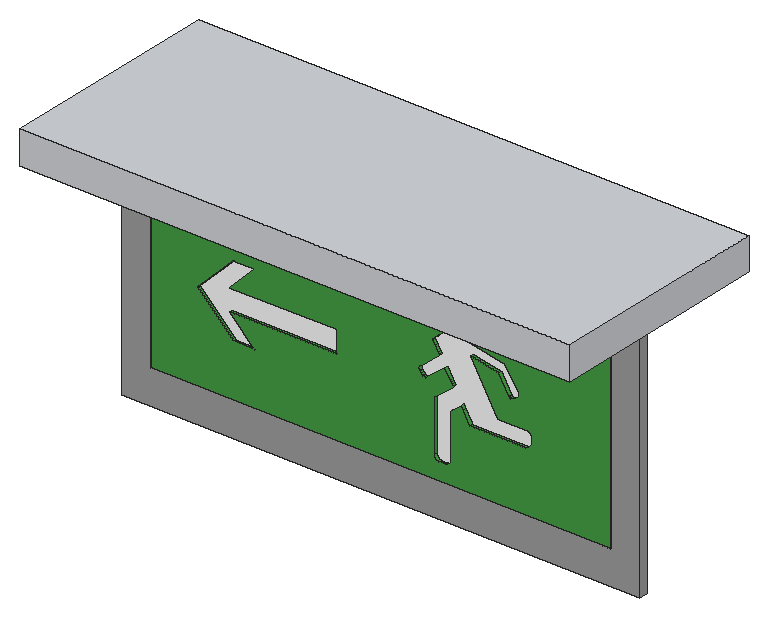
Revit family "Formula65 kombi LED Sentr.(ned_nedhengt skilt)", category Lighting Fixtures, Revit 2013
Parameters (values of type "MarkeringsLys (Venstre)")
  Width = 3 mm
  Wattage Comments = "17 W"
  Wattage = 9.2903 W
  built-in parameter 1150110 = 1 (stored number, unit not read)
  Voltage = 230 V
  URL = ""
  built-in parameter 1114217 = 1 (stored number, unit not read)
  Tilt Angle = 90.00°
  built-in parameter 1150109 = 1 (stored number, unit not read)
  built-in parameter 1150134 = 3
  Symbol Positive Direction [instance] = yes
  Symbol Offset Side [instance] = 0 mm
  Symbol Offset Out [instance] = 0 mm
  built-in parameter 1150113 = 1 (stored number, unit not read)
  Reference Line Out [instance] = 50 mm
  Photometric Web File = "20x42A12.ies"
  Number of Poles = 1
  MarkeringsLys Venstre = yes
  MarkeringsLys Opp = no
  MarkeringsLys Ned = no
  MarkeringsLys Høyre = no
  MarkeringsLys 45 Opp mot venstre = no
  MarkeringsLys 45 Opp mot høyre = no
  MarkeringsLys 45 Ned mot venstre = no
  MarkeringsLys 45 Ned mot høyre = no
  MarkeringsLys = yes
  built-in parameter 1150105 = 109.82 (stored number, unit not read)
  Lumens = 1380 lm
  built-in parameter 1150115 = 1 (stored number, unit not read)
  Load Classification [instance] = Other
  Model = ""
  Manufacturer = ""
  built-in parameter 1150137 = (empty or 0)
  built-in parameter 1150139 = (empty or 0)
  Length 1 = Length - 40 mm  # 314 mm
  Length = 354 mm
  LedeLys = no
  built-in parameter 1150112 = 1 (stored number, unit not read)
  built-in parameter 1150114 = 1 (stored number, unit not read)
  Lamp = "1"
  built-in parameter 1150132 = (empty or 0)
  built-in parameter 1150102 = (empty or 0)
  built-in parameter 1150107 = 3200 (stored number, unit not read)
  built-in parameter 1150138 = (empty or 0)
  built-in parameter 1150106 = 1.0982 (stored number, unit not read)
  Height 1 = Height - 46 mm  # 122 mm
  Height = 168 mm
  Emit from Rectangle Width = Height  # 168 mm
  Emit from Rectangle Length = Length  # 354 mm
  Emit Shape Visible in Rendering = no
  built-in parameter 1150104 = 13.8 (stored number, unit not read)
  Dimming Lamp Color Temperature Shift = <None>
  Description = ""
  Color Filter = 16777215
  Body Material and Colour = Default
  built-in parameter 1114218 = 1 (stored number, unit not read)
  built-in parameter 1150133 = 10 (stored number, unit not read)
  Assembly Code = ""
  Apparent Load = 17 VA
Types (9, lengths in mm): name | MarkeringsLys Venstre | MarkeringsLys Opp | MarkeringsLys Ned | MarkeringsLys Høyre | MarkeringsLys 45 Opp mot venstre | MarkeringsLys 45 Opp mot høyre | MarkeringsLys 45 Ned mot venstre | MarkeringsLys 45 Ned mot høyre | MarkeringsLys | LedeLys
  LedeLys | no | no | no | no | no | no | no | no | no | yes
  MarkeringsLys (Ned) | no | no | yes | no | no | no | no | no | yes | no
  MarkeringsLys (Opp) | no | yes | no | no | no | no | no | no | yes | no
  MarkeringsLys (45 Ned mot høyre) | no | no | no | no | no | no | no | yes | yes | no
  MarkeringsLys (45 Ned mot venstre) | no | no | no | no | no | no | yes | no | yes | no
  MarkeringsLys (45 Opp mot høyre) | no | no | no | no | no | yes | no | no | yes | no
  MarkeringsLys (45 Opp mot venstre) | no | no | no | no | yes | no | no | no | yes | no
  MarkeringsLys (Høyre) | no | no | no | yes | no | no | no | no | yes | no
  MarkeringsLys (Venstre) | yes | no | no | no | no | no | no | no | yes | no
Reference planes
  plane 1 "Light Source Axis (F/B)": y = 119.961
  plane 2 "Top": z = 83
  plane 3 "Light Source Axis (L/R)": x = 0
  plane 4 "Level": z = 0
  plane 5: x = -177
  plane 6: x = 177
  plane 7: y = 120.961
  plane 8: y = 122.961
  plane 9: x = -157
  plane 10: x = 157
  plane 11: z = -106.5
  plane 12: y = 43.961
  plane 13: y = 195.961
  plane 14: x = 187.5
  plane 15: x = -187.5
  plane 16: z = -22.5
  plane 17: z = -190.5
  plane 18: y = 118.961
  plane 19: y = 116.961
  plane 20: z = -45.5
  plane 21: z = -167.5
Forms (mm)
  Extrusion 1, solid, material "Default" <- "Body Material and Colour"
    sketch origin (0, 119.961, -31.25) x (1, 0, 0) y (0, 0, 1)
      loop
        line (-177, 8.75) -> (-177, -159.25) -> (177, -159.25) -> (177, 8.75) -> (-177, 8.75)
      loop
        line (-157, -14.25) -> (-157, -136.25) -> (157, -136.25) -> (157, -14.25) -> (-157, -14.25)
    from -3 to -1
  Extrusion 2, solid
    sketch origin (0, 0, 0) x (1, 0, 0) y (0, 1, 0)
      loop
        line (-187.5, 195.961) -> (-187.5, 43.961) -> (187.5, 43.961) -> (187.5, 195.961) -> (-187.5, 195.961)
    from 0 to -22.5
  Extrusion 3, solid, material "Default" <- "Body Material and Colour"
    sketch origin (0, 119.961, -31.25) x (1, 0, 0) y (0, 0, -1)
      loop
        line (-177, -8.75) -> (177, -8.75) -> (177, 159.25) -> (-177, 159.25) -> (-177, -8.75)
      loop
        line (-157, 14.25) -> (157, 14.25) -> (157, 136.25) -> (-157, 136.25) -> (-157, 14.25)
    from -3 to -1
  Extrusion 4, solid, material "Default" <- "Body Material and Colour"
    sketch origin (0, 0, 0) x (0, 1, 0) y (0, 0, 1)
      loop
        line (120.961, -22.5) -> (118.961, -22.5) -> (118.961, -190.5) -> (120.961, -190.5) -> (120.961, -22.5)
    from -177 to 177
Cuts and joins
  joined: Extrusion 1, Extrusion 3, Extrusion 4
Lines and regions (mm)
  model lines, style "InvisibleLines"
    curve 1: line (0, 119.961, 0) -> (0, 169.961, 0)
Dimensions and locks
  equal spacing: plane 5, plane 3 "Light Source Axis (L/R)", plane 6
  "Length": plane 5 to plane 6
  locked: plane 7 to plane 1 "Light Source Axis (F/B)" at 1
  locked: plane 8 to plane 7 at 2
  equal spacing: plane 9, plane 3 "Light Source Axis (L/R)", plane 10
  "Length 1": plane 9 to plane 10
  "Width": plane 1 "Light Source Axis (F/B)" to plane 8
  "Reference Line Out": plane 1 "Light Source Axis (F/B)" to curve 1
  equal spacing: plane 15, plane 3 "Light Source Axis (L/R)", plane 14
  equal spacing: plane 13, plane 1 "Light Source Axis (F/B)", plane 12
  locked: plane 13 to plane 12 at 152
  locked: plane 15 to plane 14 at 375
  locked: plane 4 "Level" to plane 16 at 22.5
  "Emit from Rectangle Width": plane 16 to plane 17
  equal spacing: plane 16, plane 11, plane 17
  locked: plane 19 to plane 18 at 2
  locked: plane 1 "Light Source Axis (F/B)" to plane 18 at 1
  equal spacing: plane 20, plane 11, plane 21
  "Height 1": plane 20 to plane 21
  aligned and locked: plane 4 "Level" to level
  aligned and locked: plane 3 "Light Source Axis (L/R)" to nested 2
  aligned and locked: plane 1 "Light Source Axis (F/B)" to nested 2
  aligned and locked: plane 7 to nested 1
  aligned and locked: Extrusion 1 sketch curve to plane 6
  aligned and locked: plane 5 to Extrusion 1 sketch curve
  aligned and locked: plane 9 to Extrusion 1 sketch curve
  aligned and locked: Extrusion 1 sketch curve to plane 10
  aligned and locked: plane 7 to Extrusion 1
  aligned and locked: Extrusion 1 to plane 8
  aligned and locked: plane 11 to imposter light
  aligned and locked: imposter light to plane 3 "Light Source Axis (L/R)"
  aligned and locked: plane 1 "Light Source Axis (F/B)" to curve 1
  aligned and locked: plane 3 "Light Source Axis (L/R)" to curve 1
  aligned and locked: Extrusion 2 sketch curve to plane 13
  aligned and locked: plane 15 to Extrusion 2 sketch curve
  aligned and locked: plane 12 to Extrusion 2 sketch curve
  aligned and locked: Extrusion 2 sketch curve to plane 14
  aligned and locked: Extrusion 2 to plane 16
  aligned and locked: Extrusion 1 to plane 17
  aligned and locked: plane 16 to Extrusion 1
  aligned and locked: nested 1 to plane 11
  aligned and locked: nested 1 to plane 3 "Light Source Axis (L/R)"
  aligned and locked: Extrusion 1 to nested 1  (x2)
  aligned and locked: Extrusion 3 to plane 19
  aligned and locked: plane 18 to Extrusion 3
  aligned and locked: Extrusion 1 to Extrusion 4 sketch curve
  aligned and locked: Extrusion 4 sketch curve to Extrusion 1
  aligned and locked: Extrusion 3 to Extrusion 4 sketch curve
  aligned and locked: Extrusion 4 sketch curve to Extrusion 3
  aligned and locked: imposter light to plane 8
  aligned and locked: nested 3 to plane 18
  aligned and locked: plane 18 to cut or joined group of Extrusion 1, Extrusion 3, Extrusion 4
  aligned and locked: cut or joined group of Extrusion 1, Extrusion 3, Extrusion 4 to plane 18
  aligned and locked: plane 18 to nested 3
  aligned and locked: nested 3 to plane 19
  aligned and locked: cut or joined group of Extrusion 1, Extrusion 3, Extrusion 4 to plane 19
  aligned and locked: cut or joined group of Extrusion 1, Extrusion 3, Extrusion 4 to plane 5
  aligned and locked: plane 6 to cut or joined group of Extrusion 1, Extrusion 3, Extrusion 4
  aligned and locked: plane 3 "Light Source Axis (L/R)" to nested 4
  aligned and locked: plane 1 "Light Source Axis (F/B)" to nested 4
  aligned and locked: nested 5 to plane 20
  aligned and locked: plane 3 "Light Source Axis (L/R)" to nested 5
  aligned and locked: nested 5 to plane 18
  aligned and locked: nested 7 to plane 3 "Light Source Axis (L/R)"
  aligned and locked: nested 7 to plane 11
  aligned and locked: plane 7 to nested 7
  aligned and locked: plane 3 "Light Source Axis (L/R)" to nested 6
  aligned and locked: plane 11 to nested 6
  aligned and locked: nested 6 to plane 18
  aligned and locked: nested 9 to plane 3 "Light Source Axis (L/R)"
  aligned and locked: plane 7 to nested 9
  aligned and locked: nested 9 to plane 11
  aligned and locked: plane 11 to nested 8
  aligned and locked: plane 3 "Light Source Axis (L/R)" to nested 8
  aligned and locked: nested 8 to plane 18
  aligned and locked: plane 7 to nested 10
  aligned and locked: nested 10 to plane 11
  aligned and locked: nested 10 to plane 3 "Light Source Axis (L/R)"
  aligned and locked: plane 11 to nested 5
  aligned and locked: plane 3 "Light Source Axis (L/R)" to nested 3
  aligned and locked: plane 11 to nested 3
  aligned and locked: plane 11 to nested 11
  aligned and locked: plane 3 "Light Source Axis (L/R)" to nested 11
  aligned and locked: nested 12 to plane 3 "Light Source Axis (L/R)"
  aligned and locked: nested 12 to plane 11
  aligned and locked: plane 7 to nested 12
  aligned and locked: nested 11 to plane 18
  aligned and locked: plane 11 to nested 13
  aligned and locked: nested 14 to plane 11
  aligned and locked: plane 3 "Light Source Axis (L/R)" to nested 13
  aligned and locked: nested 14 to plane 3 "Light Source Axis (L/R)"
  aligned and locked: nested 13 to plane 18
  aligned and locked: plane 7 to nested 14
  aligned and locked: nested 16 to plane 11
  aligned and locked: plane 11 to nested 15
  aligned and locked: plane 3 "Light Source Axis (L/R)" to nested 15
  aligned and locked: nested 16 to plane 3 "Light Source Axis (L/R)"
  aligned and locked: plane 7 to nested 16
  aligned and locked: nested 15 to plane 18
  aligned and locked: plane 3 "Light Source Axis (L/R)" to nested 17
  aligned and locked: nested 18 to plane 3 "Light Source Axis (L/R)"
  aligned and locked: nested 18 to plane 11
  aligned and locked: plane 11 to nested 17
  aligned and locked: plane 7 to nested 18
  aligned and locked: nested 17 to plane 18
Automatic sketch dimensions
  Extrusion 1 sketch curve to plane 17 = 0 mm
  Extrusion 1 sketch curve to plane 16 = 0 mm
  plane 17 to Extrusion 1 sketch curve = 23 mm
  Extrusion 1 sketch curve to plane 16 = 23 mm
  Extrusion 3 sketch curve to plane 5 = 0 mm
  Extrusion 3 sketch curve to plane 9 = 0 mm
  Extrusion 3 sketch curve to plane 10 = 0 mm
  Extrusion 3 sketch curve to plane 6 = 0 mm
  Extrusion 3 sketch curve to plane 16 = 0 mm
  Extrusion 3 sketch curve to plane 17 = 0 mm
  Extrusion 3 sketch curve to plane 16 = 23 mm
  plane 17 to Extrusion 3 sketch curve = 23 mm
Nested families
  nested 1: "Formula 65_ned" at (0, 120.961, -106.5), type "Formula 65"
    with Ned no
  nested 2: "LedelysS" at (0, 119.961, 0), visible <- "LedeLys", type "Type 1"
  nested 3: "Formula 65_ned" at (0, 118.961, -106.5), visible <- "MarkeringsLys Ned", type "Formula 65"
    with Ned no
  nested 4: "MarkeringslysS" at (0, 119.961, 0), visible <- "MarkeringsLys", type "Type 1"
  nested 5: "Formula 65_opp" at (0, 118.961, -106.5), visible <- "MarkeringsLys Opp", type "Formula 65"
    with Up no
  nested 6: "Formula 65_skrått 45 grader ned mot venstre" at (0, 118.961, -106.5), type "Formula 65"
    with 45 ned mot venstre no
  nested 7: "Formula 65_opp" at (0, 120.961, -106.5), type "Formula 65"
    with Up no
  nested 8: "Formula 65_skrått 45 grader opp mot venstre" at (0, 118.961, -106.5), type "Formula 65"
    with 45 opp mot venstre no
  nested 9: "Formula 65_skrått 45 grader ned mot venstre" at (0, 120.961, -106.5), type "Formula 65"
    with 45 ned mot venstre no
  nested 10: "Formula 65_skrått 45 grader opp mot venstre" at (0, 120.961, -106.5), type "Formula 65"
    with 45 opp mot venstre no
  nested 11: "Formula 65_høyre" at (0, 118.961, -106.5), type "Formula 65"
    with Høyre no
  nested 12: "Formula 65_høyre" at (0, 120.961, -106.5), type "Formula 65"
    with Høyre no
  nested 13: "Formula 65_skrått 45 grader ned mot høyre" at (0, 118.961, -106.5), type "Formula 65"
    with 45 ned mot høyre no
  nested 14: "Formula 65_skrått 45 grader ned mot høyre" at (0, 120.961, -106.5), type "Formula 65"
    with 45 ned mot høyre no
  nested 15: "Formula 65_skrått 45 grader opp mot høyre" at (0, 118.961, -106.5), type "Formula 65"
    with 45 grader opp mot høyre no
  nested 16: "Formula 65_skrått 45 grader opp mot høyre" at (0, 120.961, -106.5), type "Formula 65"
    with 45 grader opp mot høyre no
  nested 17: "Formula 65_venstre" at (0, 118.961, -106.5), type "Formula 65"
  nested 18: "Formula 65_venstre" at (0, 120.961, -106.5), type "Formula 65"
Connectors
  electrical at (0, 119.961, 0), driven by "Number of Poles", driven by "Load Classification", driven by "Voltage", driven by "Apparent Load"
    settings: index 1, voltage 230 V, apparent load 0 VA, apparent load phase1 17 VA, apparent load phase2 0 VA, apparent load phase3 0 VA, power factor 1, load classification "Other", number of poles 1, system type 31, power factor state 1, is connector primary yes, connector utility no, sub classification motor no, connector description ""
Definition of nested family "Formula 65_venstre"
  Parameters (values of type "Formula 65")
    Venstre = yes
    L = 205 mm
    H = 135 mm
  Reference planes
    plane 1 "Center (Front/Back)": y = 0
    plane 2: z = 0
    plane 3 "Center (Left/Right)": x = 0
    plane 4: y = -2
  Forms (mm)
    Extrusion 1, solid, material "Green", visible <- "Venstre"
      sketch origin (453.48, 0, -265.275) x (1, 0, 0) y (0, 0, 1)
        loop
          line (-296.48, 326.275) -> (-610.48, 326.275) -> (-610.48, 204.275) -> (-296.48, 204.275) -> (-296.48, 326.275)
        loop
          circle (-420.272, 307.901) r 7.948
        loop
          line (-413.762, 293.92) -> (-417.907, 289.775) -> (-413.259, 281.726) -> (-426.456, 270.652)
          arc (-426.456, 270.652) -> (-427.234, 269.157) -> (-426.728, 267.55) r 2.202
          line (-426.728, 267.55) -> (-424.841, 265.302)
          arc (-424.841, 265.302) -> (-423.346, 264.524) -> (-421.739, 265.03) r 2.202
          line (-421.739, 265.03) -> (-409.533, 275.272) -> (-403.944, 265.592) -> (-416.764, 254.834) -> (-416.764, 219.801)
          arc (-416.764, 219.801) -> (-415.69, 217.206) -> (-413.095, 216.131) r 3.669
          line (-413.095, 216.131) -> (-409.425, 216.131)
          arc (-409.425, 216.131) -> (-406.831, 217.206) -> (-405.756, 219.801) r 3.669
          line (-405.756, 219.801) -> (-405.756, 249.701) -> (-398.355, 255.911) -> (-392.493, 245.757) -> (-354.384, 245.757)
          arc (-354.384, 245.757) -> (-351.79, 246.832) -> (-350.715, 249.426) r 3.669
          line (-350.715, 249.426) -> (-350.715, 253.096)
          arc (-350.715, 253.096) -> (-351.79, 255.69) -> (-354.384, 256.765) r 3.669
          line (-354.384, 256.765) -> (-373.426, 256.765) -> (-391.907, 288.775) -> (-372.812, 285.056) -> (-365.934, 273.144)
          arc (-365.934, 273.144) -> (-364.541, 272.104) -> (-362.828, 272.398) r 2.202
          line (-362.828, 272.398) -> (-360.285, 274.049)
          arc (-360.285, 274.049) -> (-359.331, 275.438) -> (-359.638, 277.095) r 2.202
          line (-359.638, 277.095) -> (-369.208, 291.831) -> (-407.391, 299.266) -> (-413.762, 293.92)
        loop
          line (-553.901, 289.876) -> (-578.502, 265.275) -> (-553.901, 240.673) -> (-539.14, 240.673) -> (-556.361, 257.894) -> (-483.502, 257.894) -> (-483.502, 272.655) -> (-556.361, 272.655) -> (-539.14, 289.876) -> (-553.901, 289.876)
      from 0 to 2
  Dimensions and locks
    aligned and locked: level to plane 2
Definition of nested family "Formula 65_ned"
  Parameters (values of type "Formula 65")
    Ned = yes
    L = 205 mm
    H = 135 mm
  Reference planes
    plane 1 "Center (Front/Back)": y = 0
    plane 2: z = 0
    plane 3 "Center (Left/Right)": x = 0
    plane 4: y = -2
  Forms (mm)
    Extrusion 1, solid, material "Green", visible <- "Ned"
      sketch origin (453.48, 0, -265.275) x (1, 0, 0) y (0, 0, 1)
        loop
          line (-296.48, 326.275) -> (-610.48, 326.275) -> (-610.48, 204.275) -> (-296.48, 204.275) -> (-296.48, 326.275)
        loop
          line (-482.432, 242.376) -> (-482.432, 257.137) -> (-499.654, 239.916) -> (-499.654, 312.775) -> (-514.415, 312.775) -> (-514.415, 239.916) -> (-531.636, 257.137) -> (-531.636, 242.376) -> (-507.034, 217.775) -> (-482.432, 242.376)
        loop
          circle (-420.272, 307.901) r 7.948
        loop
          line (-413.762, 293.92) -> (-417.907, 289.775) -> (-413.259, 281.726) -> (-426.456, 270.652)
          arc (-426.456, 270.652) -> (-427.234, 269.157) -> (-426.728, 267.55) r 2.202
          line (-426.728, 267.55) -> (-424.841, 265.302)
          arc (-424.841, 265.302) -> (-423.346, 264.524) -> (-421.739, 265.03) r 2.202
          line (-421.739, 265.03) -> (-409.533, 275.272) -> (-403.944, 265.592) -> (-416.764, 254.834) -> (-416.764, 219.801)
          arc (-416.764, 219.801) -> (-415.69, 217.206) -> (-413.095, 216.131) r 3.669
          line (-413.095, 216.131) -> (-409.425, 216.131)
          arc (-409.425, 216.131) -> (-406.831, 217.206) -> (-405.756, 219.801) r 3.669
          line (-405.756, 219.801) -> (-405.756, 249.701) -> (-398.355, 255.911) -> (-392.493, 245.757) -> (-354.384, 245.757)
          arc (-354.384, 245.757) -> (-351.79, 246.832) -> (-350.715, 249.426) r 3.669
          line (-350.715, 249.426) -> (-350.715, 253.096)
          arc (-350.715, 253.096) -> (-351.79, 255.69) -> (-354.384, 256.765) r 3.669
          line (-354.384, 256.765) -> (-373.426, 256.765) -> (-391.907, 288.775) -> (-372.812, 285.056) -> (-365.934, 273.144)
          arc (-365.934, 273.144) -> (-364.541, 272.104) -> (-362.828, 272.398) r 2.202
          line (-362.828, 272.398) -> (-360.285, 274.049)
          arc (-360.285, 274.049) -> (-359.331, 275.438) -> (-359.638, 277.095) r 2.202
          line (-359.638, 277.095) -> (-369.208, 291.831) -> (-407.391, 299.266) -> (-413.762, 293.92)
      from 0 to 2
  Dimensions and locks
    aligned and locked: level to plane 2
Definition of nested family "LedelysS"
  Parameters (values of type "Type 1")
    CQ Symbol Positive Direction = yes
    CQ Symbol Negative Direction = not(CQ Symbol Positive Direction)  # no
    CQ Symbol Offset Side = 0 mm
    CQ Symbol Offset Out = 0 mm
  Reference planes
    plane 1: y = 0
    plane 2: x = 0
  Dimensions and locks
    "CQ Symbol Offset Out": plane 1 to nested 1
    "CQ Symbol Offset Out": plane 1 to nested 2
    "CQ Symbol Offset Side": plane 2 to nested 2
    "CQ Symbol Offset Side": nested 1 to plane 2
  Nested families
    nested 1: "LedelysSub" at (0, 0, 0), visible <- "CQ Symbol Negative Direction", type "Type 1"
    nested 2: "LedelysSub" at (0, 0, 0), visible <- "CQ Symbol Positive Direction", type "Type 1"
  Definition of nested family "LedelysSub"
    Reference planes
      plane 1: y = 0
      plane 2: x = 0
    Lines and regions (mm)
      detail lines
        curve 1: line (-4, -2, 0) -> (4, -2, 0)
        curve 2: line (4, -2, 0) -> (4, 2, 0)
        curve 3: line (4, 2, 0) -> (-4, 2, 0)
        curve 4: line (-4, 2, 0) -> (-4, -2, 0)
        curve 5: line (-3.097, -1.25, 0) -> (-0.597, 1.25, 0)
        curve 6: line (-3.097, 1.25, 0) -> (-0.597, -1.25, 0)
        curve 7: circle (-1.847, 0, 0) r 1.2 normal (0, 0, 1)
    Text (mm)
      text "LL" at (2.179, 1.025, 0)
Definition of nested family "MarkeringslysS"
  Parameters (values of type "Type 1")
    CQ Symbol Positive Direction = yes
    CQ Symbol Negative Direction = not(CQ Symbol Positive Direction)  # no
    CQ Symbol Offset Side = 0 mm
    CQ Symbol Offset Out = 0 mm
  Reference planes
    plane 1: y = 0
    plane 2: x = 0
  Dimensions and locks
    "CQ Symbol Offset Out": plane 1 to nested 1
    "CQ Symbol Offset Out": plane 1 to nested 2
    "CQ Symbol Offset Side": plane 2 to nested 2
    "CQ Symbol Offset Side": nested 1 to plane 2
  Nested families
    nested 1: "LedelysSub" at (0, 0, 0), visible <- "CQ Symbol Negative Direction", type "Type 1"
    nested 2: "LedelysSub" at (0, 0, 0), visible <- "CQ Symbol Positive Direction", type "Type 1"
  Definition of nested family "LedelysSub"
    Reference planes
      plane 1: y = 0
      plane 2: x = 0
    Lines and regions (mm)
      Filled region 1, type "Filled region 1"
        outline origin (64.576, 51.459, 0) x (1, 0, 0) y (0, 1, 0)
          loop
            arc (-65.575, -52.307) -> (-65.224, -51.459) -> (-65.575, -50.61) r 1.2
            line (-65.575, -50.61) -> (-66.424, -51.459) -> (-65.575, -52.307)
      Filled region 2, type "Filled region 1"
        outline origin (-68.271, 51.459, 0) x (0, 1, 0) y (-1, 0, 0)
          loop
            line (-52.307, -65.575) -> (-51.459, -66.424) -> (-50.61, -65.575)
            arc (-50.61, -65.575) -> (-51.459, -65.224) -> (-52.307, -65.575) r 1.2
      detail lines
        curve 1: line (-4, -2, 0) -> (4, -2, 0)
        curve 2: line (4, -2, 0) -> (4, 2, 0)
        curve 3: line (4, 2, 0) -> (-4, 2, 0)
        curve 4: line (-4, 2, 0) -> (-4, -2, 0)
        curve 5: line (-3.097, -1.25, 0) -> (-0.597, 1.25, 0)
        curve 6: line (-3.097, 1.25, 0) -> (-0.597, -1.25, 0)
        curve 7: circle (-1.847, 0, 0) r 1.2 normal (0, 0, 1)
    Text (mm)
      text "ML" at (2.179, 1.025, 0)
    Dimensions and locks
      aligned and locked: Filled region 1 sketch curve to curve 7
Definition of nested family "Formula 65_opp"
  Parameters (values of type "Formula 65")
    Up = yes
    L = 205 mm
    H = 135 mm
  Reference planes
    plane 1 "Center (Front/Back)": y = 0
    plane 2: z = 0
    plane 3 "Center (Left/Right)": x = 0
    plane 4: y = -2
  Forms (mm)
    Extrusion 1, solid, material "Green", visible <- "Up"
      sketch origin (453.48, 0, -265.275) x (1, 0, 0) y (0, 0, 1)
        loop
          line (-296.48, 326.275) -> (-610.48, 326.275) -> (-610.48, 204.275) -> (-296.48, 204.275) -> (-296.48, 326.275)
        loop
          circle (-420.272, 307.901) r 7.948
        loop
          line (-413.762, 293.92) -> (-417.907, 289.775) -> (-413.259, 281.726) -> (-426.456, 270.652)
          arc (-426.456, 270.652) -> (-427.234, 269.157) -> (-426.728, 267.55) r 2.202
          line (-426.728, 267.55) -> (-424.841, 265.302)
          arc (-424.841, 265.302) -> (-423.346, 264.524) -> (-421.739, 265.03) r 2.202
          line (-421.739, 265.03) -> (-409.533, 275.272) -> (-403.944, 265.592) -> (-416.764, 254.834) -> (-416.764, 219.801)
          arc (-416.764, 219.801) -> (-415.69, 217.206) -> (-413.095, 216.131) r 3.669
          line (-413.095, 216.131) -> (-409.425, 216.131)
          arc (-409.425, 216.131) -> (-406.831, 217.206) -> (-405.756, 219.801) r 3.669
          line (-405.756, 219.801) -> (-405.756, 249.701) -> (-398.355, 255.911) -> (-392.493, 245.757) -> (-354.384, 245.757)
          arc (-354.384, 245.757) -> (-351.79, 246.832) -> (-350.715, 249.426) r 3.669
          line (-350.715, 249.426) -> (-350.715, 253.096)
          arc (-350.715, 253.096) -> (-351.79, 255.69) -> (-354.384, 256.765) r 3.669
          line (-354.384, 256.765) -> (-373.426, 256.765) -> (-391.907, 288.775) -> (-372.812, 285.056) -> (-365.934, 273.144)
          arc (-365.934, 273.144) -> (-364.541, 272.104) -> (-362.828, 272.398) r 2.202
          line (-362.828, 272.398) -> (-360.285, 274.049)
          arc (-360.285, 274.049) -> (-359.331, 275.438) -> (-359.638, 277.095) r 2.202
          line (-359.638, 277.095) -> (-369.208, 291.831) -> (-407.391, 299.266) -> (-413.762, 293.92)
        loop
          line (-482.432, 288.173) -> (-507.034, 312.775) -> (-531.636, 288.173) -> (-531.636, 273.412) -> (-514.415, 290.633) -> (-514.415, 217.775) -> (-499.654, 217.775) -> (-499.654, 290.633) -> (-482.432, 273.412) -> (-482.432, 288.173)
      from 0 to 2
  Dimensions and locks
    aligned and locked: level to plane 2
Definition of nested family "Formula 65_skrått 45 grader ned mot venstre"
  Parameters (values of type "Formula 65")
    L = 205 mm
    H = 135 mm
    45 ned mot venstre = yes
  Reference planes
    plane 1 "Center (Front/Back)": y = 0
    plane 2: z = 0
    plane 3 "Center (Left/Right)": x = 0
    plane 4: y = -2
  Forms (mm)
    Extrusion 1, solid, material "Green", visible <- "45 ned mot venstre"
      sketch origin (453.48, 0, -265.275) x (1, 0, 0) y (0, 0, 1)
        loop
          line (-296.48, 326.275) -> (-610.48, 326.275) -> (-610.48, 204.275) -> (-296.48, 204.275) -> (-296.48, 326.275)
        loop
          circle (-420.272, 307.901) r 7.948
        loop
          line (-413.762, 293.92) -> (-417.907, 289.775) -> (-413.259, 281.726) -> (-426.456, 270.652)
          arc (-426.456, 270.652) -> (-427.234, 269.157) -> (-426.728, 267.55) r 2.202
          line (-426.728, 267.55) -> (-424.841, 265.302)
          arc (-424.841, 265.302) -> (-423.346, 264.524) -> (-421.739, 265.03) r 2.202
          line (-421.739, 265.03) -> (-409.533, 275.272) -> (-403.944, 265.592) -> (-416.764, 254.834) -> (-416.764, 219.801)
          arc (-416.764, 219.801) -> (-415.69, 217.206) -> (-413.095, 216.131) r 3.669
          line (-413.095, 216.131) -> (-409.425, 216.131)
          arc (-409.425, 216.131) -> (-406.831, 217.206) -> (-405.756, 219.801) r 3.669
          line (-405.756, 219.801) -> (-405.756, 249.701) -> (-398.355, 255.911) -> (-392.493, 245.757) -> (-354.384, 245.757)
          arc (-354.384, 245.757) -> (-351.79, 246.832) -> (-350.715, 249.426) r 3.669
          line (-350.715, 249.426) -> (-350.715, 253.096)
          arc (-350.715, 253.096) -> (-351.79, 255.69) -> (-354.384, 256.765) r 3.669
          line (-354.384, 256.765) -> (-373.426, 256.765) -> (-391.907, 288.775) -> (-372.812, 285.056) -> (-365.934, 273.144)
          arc (-365.934, 273.144) -> (-364.541, 272.104) -> (-362.828, 272.398) r 2.202
          line (-362.828, 272.398) -> (-360.285, 274.049)
          arc (-360.285, 274.049) -> (-359.331, 275.438) -> (-359.638, 277.095) r 2.202
          line (-359.638, 277.095) -> (-369.208, 291.831) -> (-407.391, 299.266) -> (-413.762, 293.92)
        loop
          line (-575.84, 266.479) -> (-575.84, 231.687) -> (-541.048, 231.687) -> (-530.61, 242.125) -> (-554.965, 242.125) -> (-503.446, 293.644) -> (-513.883, 304.081) -> (-565.402, 252.562) -> (-565.402, 276.917) -> (-575.84, 266.479)
      from 0 to 2
  Dimensions and locks
    aligned and locked: level to plane 2
Definition of nested family "Formula 65_skrått 45 grader opp mot venstre"
  Parameters (values of type "Formula 65")
    L = 205 mm
    H = 135 mm
    45 opp mot venstre = yes
  Reference planes
    plane 1 "Center (Front/Back)": y = 0
    plane 2: z = 0
    plane 3 "Center (Left/Right)": x = 0
    plane 4: y = -2
  Forms (mm)
    Extrusion 1, solid, material "Green", visible <- "45 opp mot venstre"
      sketch origin (453.48, 0, -265.275) x (1, 0, 0) y (0, 0, 1)
        loop
          line (-296.48, 326.275) -> (-610.48, 326.275) -> (-610.48, 204.275) -> (-296.48, 204.275) -> (-296.48, 326.275)
        loop
          circle (-420.272, 307.901) r 7.948
        loop
          line (-413.762, 293.92) -> (-417.907, 289.775) -> (-413.259, 281.726) -> (-426.456, 270.652)
          arc (-426.456, 270.652) -> (-427.234, 269.157) -> (-426.728, 267.55) r 2.202
          line (-426.728, 267.55) -> (-424.841, 265.302)
          arc (-424.841, 265.302) -> (-423.346, 264.524) -> (-421.739, 265.03) r 2.202
          line (-421.739, 265.03) -> (-409.533, 275.272) -> (-403.944, 265.592) -> (-416.764, 254.834) -> (-416.764, 219.801)
          arc (-416.764, 219.801) -> (-415.69, 217.206) -> (-413.095, 216.131) r 3.669
          line (-413.095, 216.131) -> (-409.425, 216.131)
          arc (-409.425, 216.131) -> (-406.831, 217.206) -> (-405.756, 219.801) r 3.669
          line (-405.756, 219.801) -> (-405.756, 249.701) -> (-398.355, 255.911) -> (-392.493, 245.757) -> (-354.384, 245.757)
          arc (-354.384, 245.757) -> (-351.79, 246.832) -> (-350.715, 249.426) r 3.669
          line (-350.715, 249.426) -> (-350.715, 253.096)
          arc (-350.715, 253.096) -> (-351.79, 255.69) -> (-354.384, 256.765) r 3.669
          line (-354.384, 256.765) -> (-373.426, 256.765) -> (-391.907, 288.775) -> (-372.812, 285.056) -> (-365.934, 273.144)
          arc (-365.934, 273.144) -> (-364.541, 272.104) -> (-362.828, 272.398) r 2.202
          line (-362.828, 272.398) -> (-360.285, 274.049)
          arc (-360.285, 274.049) -> (-359.331, 275.438) -> (-359.638, 277.095) r 2.202
          line (-359.638, 277.095) -> (-369.208, 291.831) -> (-407.391, 299.266) -> (-413.762, 293.92)
        loop
          line (-575.84, 264.07) -> (-565.402, 253.633) -> (-565.402, 277.987) -> (-513.883, 226.468) -> (-503.446, 236.906) -> (-554.965, 288.425) -> (-530.61, 288.425) -> (-541.048, 298.862) -> (-575.84, 298.862) -> (-575.84, 264.07)
      from 0 to 2
  Dimensions and locks
    aligned and locked: level to plane 2
Definition of nested family "Formula 65_høyre"
  Parameters (values of type "Formula 65")
    Høyre = yes
    L = 205 mm
    H = 135 mm
  Reference planes
    plane 1 "Center (Front/Back)": y = 0
    plane 2: z = 0
    plane 3 "Center (Left/Right)": x = 0
    plane 4: y = -2
  Forms (mm)
    Extrusion 1, solid, material "Green", visible <- "Høyre"
      sketch origin (453.48, 0, -265.275) x (1, 0, 0) y (0, 0, 1)
        loop
          line (-296.48, 326.275) -> (-610.48, 326.275) -> (-610.48, 204.275) -> (-296.48, 204.275) -> (-296.48, 326.275)
        loop
          circle (-486.687, 307.901) r 7.948
        loop
          line (-493.197, 293.92) -> (-499.568, 299.266) -> (-537.751, 291.831) -> (-547.321, 277.095)
          arc (-547.321, 277.095) -> (-547.628, 275.438) -> (-546.674, 274.049) r 2.202
          line (-546.674, 274.049) -> (-544.131, 272.398)
          arc (-544.131, 272.398) -> (-542.418, 272.104) -> (-541.025, 273.144) r 2.202
          line (-541.025, 273.144) -> (-534.147, 285.056) -> (-515.052, 288.775) -> (-533.533, 256.765) -> (-552.575, 256.765)
          arc (-552.575, 256.765) -> (-555.169, 255.69) -> (-556.244, 253.096) r 3.669
          line (-556.244, 253.096) -> (-556.244, 249.426)
          arc (-556.244, 249.426) -> (-555.169, 246.832) -> (-552.575, 245.757) r 3.669
          line (-552.575, 245.757) -> (-514.466, 245.757) -> (-508.604, 255.911) -> (-501.203, 249.701) -> (-501.203, 219.801)
          arc (-501.203, 219.801) -> (-500.128, 217.206) -> (-497.534, 216.131) r 3.669
          line (-497.534, 216.131) -> (-493.864, 216.131)
          arc (-493.864, 216.131) -> (-491.27, 217.206) -> (-490.195, 219.801) r 3.669
          line (-490.195, 219.801) -> (-490.195, 254.834) -> (-503.015, 265.592) -> (-497.426, 275.272) -> (-485.22, 265.03)
          arc (-485.22, 265.03) -> (-483.613, 264.524) -> (-482.118, 265.302) r 2.202
          line (-482.118, 265.302) -> (-480.232, 267.55)
          arc (-480.232, 267.55) -> (-479.725, 269.157) -> (-480.503, 270.652) r 2.202
          line (-480.503, 270.652) -> (-493.7, 281.726) -> (-489.052, 289.775) -> (-493.197, 293.92)
        loop
          line (-353.058, 289.876) -> (-367.819, 289.876) -> (-350.598, 272.655) -> (-423.457, 272.655) -> (-423.457, 257.894) -> (-350.598, 257.894) -> (-367.819, 240.673) -> (-353.058, 240.673) -> (-328.457, 265.275) -> (-353.058, 289.876)
      from 0 to 2
  Dimensions and locks
    aligned and locked: level to plane 2
Definition of nested family "Formula 65_skrått 45 grader ned mot høyre"
  Parameters (values of type "Formula 65")
    45 ned mot høyre = yes
    L = 205 mm
    H = 135 mm
  Reference planes
    plane 1 "Center (Front/Back)": y = 0
    plane 2: z = 0
    plane 3 "Center (Left/Right)": x = 0
    plane 4: y = -2
  Forms (mm)
    Extrusion 1, solid, material "Green", visible <- "45 ned mot høyre"
      sketch origin (453.48, 0, -265.275) x (1, 0, 0) y (0, 0, 1)
        loop
          line (-296.48, 326.275) -> (-610.48, 326.275) -> (-610.48, 204.275) -> (-296.48, 204.275) -> (-296.48, 326.275)
        loop
          circle (-486.687, 307.901) r 7.948
        loop
          line (-493.197, 293.92) -> (-499.568, 299.266) -> (-537.751, 291.831) -> (-547.321, 277.095)
          arc (-547.321, 277.095) -> (-547.628, 275.438) -> (-546.674, 274.049) r 2.202
          line (-546.674, 274.049) -> (-544.131, 272.398)
          arc (-544.131, 272.398) -> (-542.418, 272.104) -> (-541.025, 273.144) r 2.202
          line (-541.025, 273.144) -> (-534.147, 285.056) -> (-515.052, 288.775) -> (-533.533, 256.765) -> (-552.575, 256.765)
          arc (-552.575, 256.765) -> (-555.169, 255.69) -> (-556.244, 253.096) r 3.669
          line (-556.244, 253.096) -> (-556.244, 249.426)
          arc (-556.244, 249.426) -> (-555.169, 246.832) -> (-552.575, 245.757) r 3.669
          line (-552.575, 245.757) -> (-514.466, 245.757) -> (-508.604, 255.911) -> (-501.203, 249.701) -> (-501.203, 219.801)
          arc (-501.203, 219.801) -> (-500.128, 217.206) -> (-497.534, 216.131) r 3.669
          line (-497.534, 216.131) -> (-493.864, 216.131)
          arc (-493.864, 216.131) -> (-491.27, 217.206) -> (-490.195, 219.801) r 3.669
          line (-490.195, 219.801) -> (-490.195, 254.834) -> (-503.015, 265.592) -> (-497.426, 275.272) -> (-485.22, 265.03)
          arc (-485.22, 265.03) -> (-483.613, 264.524) -> (-482.118, 265.302) r 2.202
          line (-482.118, 265.302) -> (-480.232, 267.55)
          arc (-480.232, 267.55) -> (-479.725, 269.157) -> (-480.503, 270.652) r 2.202
          line (-480.503, 270.652) -> (-493.7, 281.726) -> (-489.052, 289.775) -> (-493.197, 293.92)
        loop
          line (-336.119, 266.479) -> (-346.557, 276.917) -> (-346.557, 252.562) -> (-398.076, 304.081) -> (-408.513, 293.644) -> (-356.994, 242.125) -> (-381.349, 242.125) -> (-370.911, 231.687) -> (-336.119, 231.687) -> (-336.119, 266.479)
      from 0 to 2
  Dimensions and locks
    aligned and locked: level to plane 2
Definition of nested family "Formula 65_skrått 45 grader opp mot høyre"
  Parameters (values of type "Formula 65")
    45 grader opp mot høyre = yes
    L = 205 mm
    H = 135 mm
  Reference planes
    plane 1 "Center (Front/Back)": y = 0
    plane 2: z = 0
    plane 3 "Center (Left/Right)": x = 0
    plane 4: y = -2
  Forms (mm)
    Extrusion 1, solid, material "Green", visible <- "45 grader opp mot høyre"
      sketch origin (453.48, 0, -265.275) x (1, 0, 0) y (0, 0, 1)
        loop
          line (-296.48, 326.275) -> (-610.48, 326.275) -> (-610.48, 204.275) -> (-296.48, 204.275) -> (-296.48, 326.275)
        loop
          circle (-486.687, 307.901) r 7.948
        loop
          line (-493.197, 293.92) -> (-499.568, 299.266) -> (-537.751, 291.831) -> (-547.321, 277.095)
          arc (-547.321, 277.095) -> (-547.628, 275.438) -> (-546.674, 274.049) r 2.202
          line (-546.674, 274.049) -> (-544.131, 272.398)
          arc (-544.131, 272.398) -> (-542.418, 272.104) -> (-541.025, 273.144) r 2.202
          line (-541.025, 273.144) -> (-534.147, 285.056) -> (-515.052, 288.775) -> (-533.533, 256.765) -> (-552.575, 256.765)
          arc (-552.575, 256.765) -> (-555.169, 255.69) -> (-556.244, 253.096) r 3.669
          line (-556.244, 253.096) -> (-556.244, 249.426)
          arc (-556.244, 249.426) -> (-555.169, 246.832) -> (-552.575, 245.757) r 3.669
          line (-552.575, 245.757) -> (-514.466, 245.757) -> (-508.604, 255.911) -> (-501.203, 249.701) -> (-501.203, 219.801)
          arc (-501.203, 219.801) -> (-500.128, 217.206) -> (-497.534, 216.131) r 3.669
          line (-497.534, 216.131) -> (-493.864, 216.131)
          arc (-493.864, 216.131) -> (-491.27, 217.206) -> (-490.195, 219.801) r 3.669
          line (-490.195, 219.801) -> (-490.195, 254.834) -> (-503.015, 265.592) -> (-497.426, 275.272) -> (-485.22, 265.03)
          arc (-485.22, 265.03) -> (-483.613, 264.524) -> (-482.118, 265.302) r 2.202
          line (-482.118, 265.302) -> (-480.232, 267.55)
          arc (-480.232, 267.55) -> (-479.725, 269.157) -> (-480.503, 270.652) r 2.202
          line (-480.503, 270.652) -> (-493.7, 281.726) -> (-489.052, 289.775) -> (-493.197, 293.92)
        loop
          line (-336.119, 264.07) -> (-336.119, 298.862) -> (-370.911, 298.862) -> (-381.349, 288.425) -> (-356.994, 288.425) -> (-408.513, 236.906) -> (-398.076, 226.468) -> (-346.557, 277.987) -> (-346.557, 253.633) -> (-336.119, 264.07)
      from 0 to 2
  Dimensions and locks
    aligned and locked: level to plane 2
